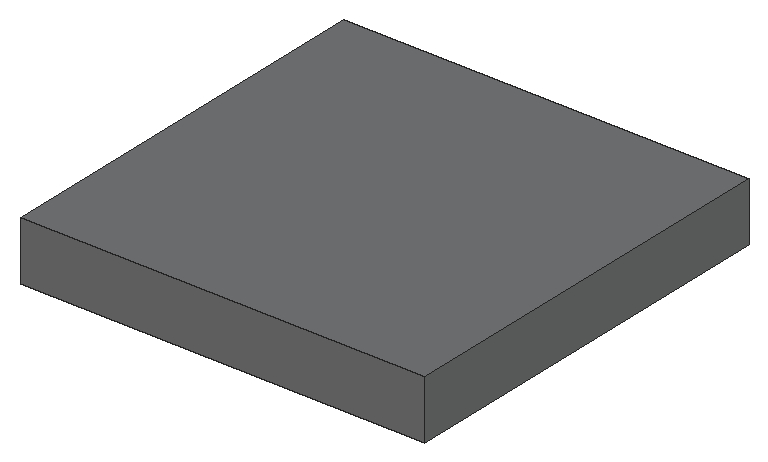
Revit family "Gira_087627", category Electrical Fixtures, host Face, Revit 2017
Family settings
  Host = Face
  Maintain Annotation Orientation = No
  Round Connector Dimension = Use Diameter
  Part Type = Normal
  Cut with Voids When Loaded = No
  Shared = No
  Room Calculation Point = No
Parameters (values of type "Cov. in.sp. TAE USB System 55 p.white m")
  URL = "http://katalog.gira.de/en/datenblatt.html?artikelnr=087627"
  Transparent = "No"
  Name = "Cov. in.sp. TAE USB System 55 p.white m"
  Manufacturer URL = "https://www.gira.de/"
  Manufacturer = "Gira"
  Keynote = ""
  HeinzeBIM = "https://bimportal.heinze.de/bim/cov-in-sp-tae-usb-system-55-p-white-m/0b531ce15bbeed7cff58d6a1f46259b13b1234d9"
  HAN = "087627"
  GTIN = "4010337876274"
  Description = "Cov.in.sp.TAE USB Sys55 PWm,Cover for USB data interface,with inscription space,pure white matt,Notes :,- Suitable for USB power supply.,- Suitable for USB data interface."
  Default Elevation = 1219.2 mm
  Data sheet (1) = "https://katalog.gira.de/en/download.html?artikelnr=087627"
  Category = "Insert/cover for communication technology"
  BIM (1) = "https://media.stage.bim.site/public/gira/36a6b08/Sys55_Abdeckung_Schalten und Tasten.rfa?public/gira/36a6b08/Sys55_Abdeckung_Schalten und Tasten.rfa"
  Available = "No"
  Anthrazit [instance] = Anthrazit
Reference planes
  plane 1 "Center (Front/Back)": y = 0
  plane 2: z = 0
  plane 3 "Center (Left/Right)": x = 0
Forms (mm)
  Extrusion 1, solid, material "Anthrazit" <- "Anthrazit", detail levels fine
    sketch origin (0, 0, 0) x (1, 0, 0) y (0, 1, 0)
      loop
        line (-27.5, 27.5) -> (-27.5, -27.5) -> (27.5, -27.5) -> (27.5, 27.5) -> (-27.5, 27.5)
    from 0 to 8
  Extrusion 2, void
    sketch origin (0, 0, 0) x (1, 0, 0) y (0, 1, 0)
      loop
        line (26, 26) -> (-26, 26) -> (-26, -26) -> (26, -26) -> (26, 26)
    from 0 to 6
  Extrusion 3, solid, material "Anthrazit" <- "Anthrazit", detail levels medium
    sketch origin (0, 0, 0) x (1, 0, 0) y (0, 1, 0)
      loop
        line (-27.5, 27.5) -> (-27.5, -27.5) -> (27.5, -27.5) -> (27.5, 27.5) -> (-27.5, 27.5)
    from 0 to 8
  Extrusion 4, solid, material "Anthrazit" <- "Anthrazit", detail levels medium
    sketch origin (0, 0, 0) x (1, 0, 0) y (0, 1, 0)
      loop
        line (11, -17.5) -> (11, 17.5) -> (-11, 17.5) -> (-11, -17.5) -> (11, -17.5)
    from -6 to 6
  Extrusion 5, solid, material "Anthrazit" <- "Anthrazit", detail levels fine
    sketch origin (0, 0, 0) x (1, 0, 0) y (0, 1, 0)
      loop
        line (11, 17.5) -> (-11, 17.5) -> (-11, 16.5) -> (11, 16.5) -> (11, 17.5)
      loop
        line (-11, -16.5) -> (-11, -17.5) -> (11, -17.5) -> (11, -16.5) -> (-11, -16.5)
    from -4 to 6
  Extrusion 6, solid, material "Anthrazit" <- "Anthrazit", detail levels fine
    sketch origin (0, 0, 0) x (1, 0, 0) y (0, 1, 0)
      loop
        arc (5, 9.347) -> (0, 10.6) -> (-5, 9.347) r 10.6
        line (-5, 9.347) -> (-5, -9.347)
        arc (-5, -9.347) -> (0, -10.6) -> (5, -9.347) r 10.6
        line (5, -9.347) -> (5, 9.347)
    from -6 to 6
  Extrusion 7, solid, material "Anthrazit" <- "Anthrazit", detail levels coarse
    sketch origin (0, 0, 0) x (1, 0, 0) y (0, 1, 0)
      loop
        line (-27.5, 27.5) -> (-27.5, -27.5) -> (27.5, -27.5) -> (27.5, 27.5) -> (-27.5, 27.5)
    from -6 to 8
Cuts and joins
  Extrusion 2 cuts Extrusion 1
Dimensions and locks
  aligned and locked: plane 2 to host face
  aligned and locked: level to host face
